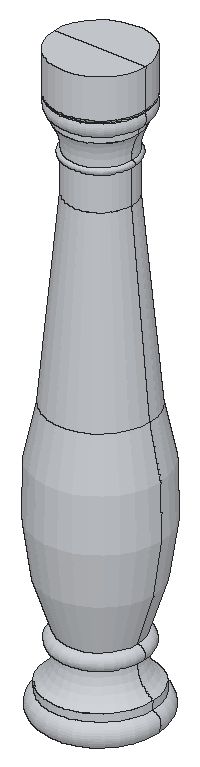
Revit family
Parameters (values of type "Balustrade G26M")
  Width = 0' - 4"
  URL = "www.strombergarchitectural.com"
  Top Material = none
  Submittal Sheet = "www.strombergarchitectural.com/images/materials/gfrc/submittal/gfrc-submittal-sheet.pdf"
  Specifications = "www.strombergarchitectural.com/gfrcspecifications"
  Model Cut-sheet = "http://www.strombergarchitectural.com/products/balustrade/design/G26M"
  Model = "Balustrade G26M"
  Manufacturer = "Stromberg Architectural Products"
  Guidebook = "www.strombergarchitectural.com/images/materials/gfrc/handbooks/gfrc_guidebook.pdf   \r\n(http://www.strombergarchitectural.com/images/materials/gfrc/handbooks/gfrc_guidebook.pdf"
  Description = "GFRC Baluster"
  Assembly Code = ""
  Height = 2' - 2"
  XXX.5 = no
  XXX.4 = no
  XXX.3 = no
  XXX.2 = no
  XXX.1 = yes
Reference planes (in)
  plane 1 "Center (Front/Back)": y = 3.74847
  plane 2: z = 0
  plane 3 "Center (Left/Right)": x = 0.7278
  plane 4 "Front": y = -3.25153
  plane 5 "Back": y = 10.74847
  plane 6 "Left": x = -17.2722
  plane 7 "Right": x = 18.7278
Forms (in)
  Revolve 1, solid
    sketch origin (0, 3.74847, 0) x (1, 0, 0) y (0, 0, 1)
      loop
        line (0.7278, 26) -> (-1.2722, 26) -> (-1.2722, 24.29575)
        arc (-1.2722, 24.29575) -> (-1.26383, 24.2645) -> (-1.24095, 24.24163) r 0.0625
        arc (-1.24095, 24.24163) -> (-1.21383, 24.20985) -> (-1.21279, 24.16809) r 0.0625
        arc (-1.21279, 24.16809) -> (-1.24058, 23.77558) -> (-0.9597, 23.5) r 0.46909
        line (-0.9597, 23.5) -> (-0.9597, 23.25)
        arc (-0.9597, 23.25) -> (-0.71418, 22.7123) -> (-0.6472, 22.125) r 1.88561
        arc (-0.6472, 22.125) -> (-0.7722, 22) -> (-0.6472, 21.875) r 0.125
        line (-0.6472, 21.875) -> (-0.6472, 20.36571)
        arc (-0.6472, 20.36571) -> (-0.92716, 16.26753) -> (-1.44239, 12.19223) r 71.38591
        arc (-1.44239, 12.19223) -> (-1.95727, 7.71432) -> (-0.8972, 3.33333) r 12.87556
        arc (-0.8972, 3.33333) -> (-1.23053, 3) -> (-0.8972, 2.66667) r 0.33333
        arc (-0.8972, 2.66667) -> (-1.05589, 1.91268) -> (-1.56387, 1.33333) r 1.52022
        line (-1.56387, 1.33333) -> (-1.56387, 1)
        arc (-1.56387, 1) -> (-1.89256, 0.5) -> (-1.56387, 0) r 0.54464
        line (-1.56387, 0) -> (0.7278, 0) -> (0.7278, 26)
      axis (0.7278, 26) -> (0.7278, 0)
    angle from 0 to 360
Dimensions and locks (in)
  aligned and locked: level to plane 2
